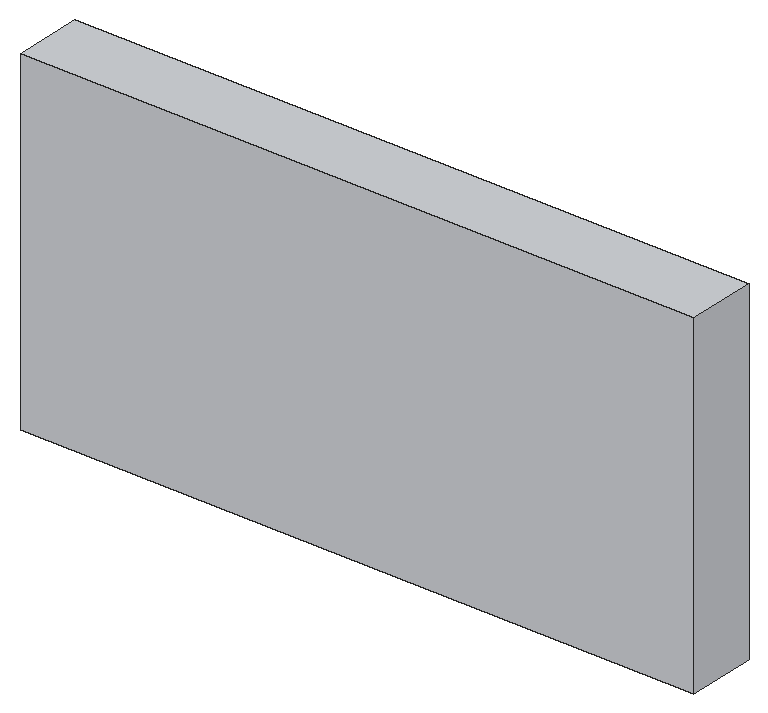
Revit family "HZG_Heizkörper Ventil VL+RL links", category HLS-Bauteile, Revit 2016
Family settings
  Teiletyp = Normal
  Bemaßung runder Anschluss = Radius verwenden
  Arbeitsebenenbasiert = Nein
  Immer vertikal = Ja
  Beim Laden mit Abzugskörper schneiden = Nein
  Gemeinsam genutzt = Nein
  Raumberechnungspunkt = Nein
Parameters (values of type "10/300/600")
  Typ_VDI2552 = "423.17"  # constant formula
  Model = ""
  Manufacturer = ""
  HZG_Leistung [instance] = 0
  HZG_IstHeizkörper [instance] = yes
  HZG_Exemplarleistung [instance] = 0
  HLS_Länge = Länge  # 600 mm
  HLS_Höhe = Höhe  # 300 mm
  HLS_Breite = Breite  # 61 mm
  Breite = 61 mm
  Wasserdruckverlust [instance] = 0.00 psi
  Massenstrom [instance] = 0 GPM
  Wandabstand = 20 mm
  Nennradius = 7.5 mm
  Nenndurchmesser = Nennradius * 2  # 15 mm
  Länge = 600 mm
  Höhe = 300 mm
  Heizleistung = 0.0 Btu/h
  Bautiefe = Breite  # 61 mm
  Baulänge = Länge  # 600 mm
  Bauhöhe = Höhe  # 300 mm
  ALG_ManufacturerCode = ""
Types (5, lengths in mm): name | Model | Manufacturer | HLS_Länge | HLS_Höhe | HLS_Breite | Breite | Länge | Höhe | Bautiefe | Baulänge | Bauhöhe
  10/300/600 | "" | "" | 600 | 300 | 61 | 61 | 600 | 300 | 61 | 600 | 300
  12/400/800 | "" | "" | 800 | 400 | 64 | 64 | 800 | 400 | 64 | 800 | 400
  22/500/600 | "" | "" | 600 | 500 | 100 | 100 | 600 | 500 | 100 | 600 | 500
  10/300/600 CC | "12344" | "Zehnder" | 600 | 300 | 61 | 61 | 600 | 300 | 61 | 600 | 300
  12/400/1200 | "" | "" | 1200 | 400 | 64 | 64 | 1200 | 400 | 64 | 1200 | 400
Reference planes
  plane 1 "Mitte (Vorne/Hinten)": y = 0
  plane 2: z = 0
  plane 3 "Mitte (Links/Rechts)": x = 0
  plane 4: y = -81
  plane 5: y = -50.5
  plane 6: y = -20
  plane 7: x = 300
  plane 8: z = 300
  plane 9: x = -300
  plane 10: z = 2
Forms (mm)
  Extrusion 1, solid, detail levels medium+fine
    sketch origin (0, 17.773, 0) x (0, -1, 0) y (1, 0, 0)
      loop
        line (37.773, 300) -> (37.773, -300) -> (98.773, -300) -> (98.773, 300) -> (37.773, 300)
    from 0 to 300
  Extrusion 2, solid, detail levels medium+fine
    sketch origin (-422.82, 17.773, 2) x (-1, 0, 0) y (0, -1, 0)
      loop
        circle (-162.82, 68.273) r 7.5
      loop
        circle (-202.82, 68.273) r 7.5
    from 0 to -2
Lines and regions (mm)
  model lines, detail levels coarse
    curve 1: line (300, -20, 0) -> (300, -81, 0)
    curve 2: line (-300, -20, 0) -> (300, -20, 0)
    curve 3: line (-300, -81, 0) -> (-300, -20, 0)
    curve 4: line (300, -81, 0) -> (-300, -81, 0)
  model lines, style "Symbol", detail levels coarse
    curve 5: line (300, -50.5, 300) -> (-300, -50.5, 300)
    curve 6: line (300, -50.5, 0) -> (300, -50.5, 300)
    curve 7: line (-300, -50.5, 0) -> (300, -50.5, 0)
    curve 8: line (-300, -50.5, 300) -> (-300, -50.5, 0)
    curve 9: line (0, -20, 300) -> (0, -81, 300)
    curve 10: line (0, -20, 0) -> (0, -20, 300)
    curve 11: line (0, -81, 0) -> (0, -20, 0)
    curve 12: line (0, -81, 300) -> (0, -81, 0)
Dimensions and locks
  equal spacing: plane 6, plane 5, plane 4
  "Breite": plane 6 to plane 4
  "Höhe": plane 8 to level
  "Länge": plane 7 to plane 9
  locked: Extrusion 1 to Extrusion 2 sketch curve at 80
  locked: Extrusion 1 to Extrusion 2 sketch curve at 40
  locked: plane 10 to level at 2
  "Wandabstand": plane 6 to plane 1 "Mitte (Vorne/Hinten)"
  equal spacing: plane 9, plane 3 "Mitte (Links/Rechts)", plane 7
  "Nennradius": radius of Extrusion 2 sketch curve  (x2)
  aligned and locked: plane 2 to level
  aligned and locked: Extrusion 1 sketch curve to plane 7
  aligned and locked: plane 6 to Extrusion 1 sketch curve
  aligned and locked: Extrusion 1 sketch curve to plane 4
  aligned and locked: Extrusion 1 to plane 9
  aligned and locked: Extrusion 1 to level
  aligned and locked: plane 8 to Extrusion 1
  aligned and locked: Extrusion 1 to plane 2
  aligned and locked: Extrusion 2 to level
  aligned and locked: plane 10 to Extrusion 2
  aligned and locked: curve 1 to Extrusion 1
  aligned and locked: curve 2 to Extrusion 1
  aligned and locked: curve 3 to Extrusion 1
  aligned and locked: curve 4 to Extrusion 1
  aligned and locked: curve 5 to Extrusion 1
  aligned and locked: curve 6 to Extrusion 1
  aligned and locked: curve 7 to curve 2
  aligned and locked: curve 8 to Extrusion 1
  aligned and locked: curve 9 to Extrusion 1
  aligned and locked: curve 10 to Extrusion 1
  aligned and locked: curve 11 to curve 1
  aligned and locked: curve 12 to Extrusion 1
Automatic sketch dimensions
  Extrusion 1 sketch curve to plane 9 = 0 mm
  plane 5 to Extrusion 2 sketch curve = 0 mm  (x2)
Connectors
  piping at (-260, -50.5, 0), diameter 15, driven by "Massenstrom", driven by "Wasserdruckverlust", driven by "Nennradius"
    settings: on Extrusion 2, index 1, connector inside diameter 15 mm, connector length 0 mm, flow factor 0, pipe flow 0 GPM, pressure drop 0.00 psi, fitting loss kfactor 0, connector angle 0.00°, fixture units 0, engagement length 0 mm, angle of deflection 0.00°, flow configuration 1, flow direction 2, fitting loss method 4, system type 8, joint type 0, gender type 0, connector reference index 2, connector utility 0, adjustable connector no, is connector primary yes, connector description ""
  piping at (-220, -50.5, 0), diameter 15, driven by "Massenstrom", driven by "Nennradius"
    settings: on Extrusion 2, index 2, connector inside diameter 15 mm, connector length 0 mm, flow factor 0, pipe flow 0 GPM, pressure drop 0.00 psi, fitting loss kfactor 0, connector angle 0.00°, fixture units 0, engagement length 0 mm, angle of deflection 0.00°, flow configuration 1, flow direction 1, fitting loss method 0, system type 7, joint type 0, gender type 0, connector reference index 1, connector utility 0, adjustable connector no, is connector primary no, connector description ""
